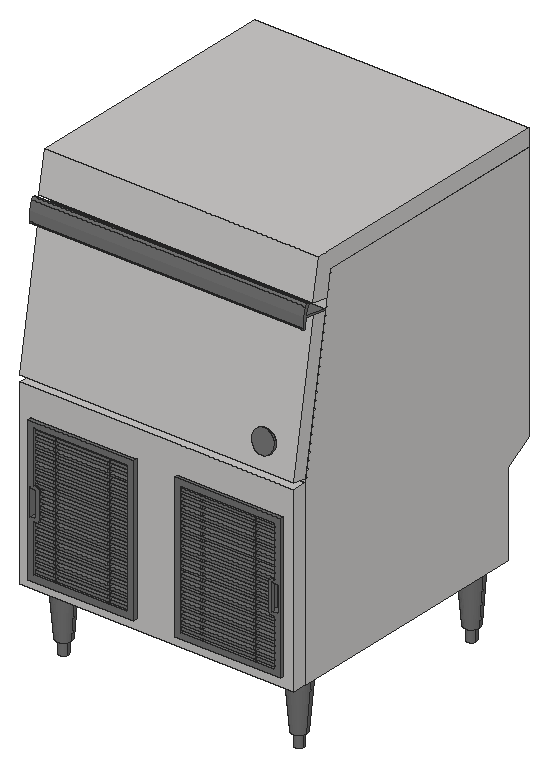
Revit family "QF_MACOM_HOSF330A-2M", category Specialty Equipment, Revit 2020
Family settings
  Round Connector Dimension = Use Diameter
  Part Type = Normal
  OmniClass Number = 23.40.40.14.27
  OmniClass Title = Ice Machines
  Work Plane-Based = No
  Always vertical = Yes
  Cut with Voids When Loaded = No
  Shared = No
  Room Calculation Point = No
Parameters (values of type "HOSF330A-2M")
  Weight = 67.00 kg
  Watts = 628 W
  Volume = 0.398 m³
  Volts = 220 V
  URL = "https://www.acosmacom.com.br/"
  Type Mark [instance] = ""
  Specification by User [instance] = ""
  Specification by Manufacturer = ""
  Show Logo [instance] = yes
  Show Clearance [instance] = yes
  Serial Number = ""
  Seismic Rating = ""
  SMACNA No = ""
  Revision Code [instance] = ""
  Refrigerant Type = "R-404A"
  Plumbing Remarks = ""
  Plumbing Connection Type = ""
  Phase = 1
  Omniclass Number and Title = ""
  Number of Poles [instance] = 1
  NAFEM Spec ID Number = ""
  Model = "HOSF330A-2M"
  Min Ckt Ampacity = 0 A
  Mechanical Remarks [instance] = ""
  Max Overcurrent Protection = 0 A
  Masterspec = ""
  Length = 610 mm
  Height = 990 mm
  Manufacturer = "MACOM"
  Item Number [instance] = ""
  Installed By [instance] = ""
  Indirect Waste Size = 3/4"
  Indirect Waste Flow = 0 m³/h
  Indirect Waste Connection Type = ""
  Indirect Waste Connection Height = 49 mm
  Identify Quantity as Lot [instance] = yes
  HP = ""
  Furnished By [instance] = ""
  Foodservice Equipment Identifier [instance] = yes
  FL Amps = 6.9 A
  Default Elevation = 0 mm
  Electrical Remarks [instance] = ""
  Electric Connection Type [instance] = ""
  Elec Conn Connection Height = 142 mm
  Description = "MAQUINA DE GELO CUBELET HOSHIZAKI, PRODUCAO ATE 130KG/DIA, COM DEPOSITO 36KG - 220V MONOF - F-330BAJ-C-610X653X990"
  Depth = 660 mm
  Cycle = 60 Hz
  Conn Plug = ""
  Conn Conduit = yes
  Cold Water Temperature Recommended = 0 °F
  Cold Water Size = 1/2"
  Cold Water RI Height [instance] = 0 mm
  Cold Water Minimum Pressure = 0.00 bar
  Cold Water Maximum Pressure = 0.00 bar
  Cold Water Flow = 0 m³/h
  Cold Water Consumption = ""
  Cold Water Connection Height = 109 mm
  Capacity = 36.00 kg
  CSI MasterFormat = ""
  CSI Master Format = ""
  Base Height = 152 mm
  BTUH = 3400.0 Btu/h
  Assembly Code = ""
Reference planes
  plane 1 "BACK": y = 0
  plane 2: z = 0
  plane 3 "LEFT": x = 0
  plane 4 "RIGHT": x = 610
  plane 5 "FRONT": y = -660
  plane 6 "TOP": z = 990
  plane 7 "Center Y": x = 305
  plane 8: y = -330
  plane 9 "Base Height": z = 152
  plane 10: y = -584.2
Forms (mm)
  Extrusion 1, solid, material "QF_Stainless-Polished"
    sketch origin (0, 0, 0) x (0, 1, 0) y (0, 0, 1)
      loop
        line (0, 950.232) -> (-550.567, 950.232) -> (-620.312, 554.689) -> (-620.312, 152) -> (-58.737, 152) -> (-58.737, 336.925) -> (0, 373.628) -> (0, 950.232)
    from 0 to 610
  Extrusion 2, solid, material "QF_Stainless-Polished"
    sketch origin (610, 0, 0) x (0, 1, 0) y (0, 0, 1)
      loop
        line (-583.8, 990) -> (-598.834, 904.739) -> (-561.332, 898.126) -> (-551.85, 951.9) -> (0, 951.9) -> (0, 990) -> (-583.8, 990)
    from 0 to -610
  Extrusion 3, solid, material "QF_Stainless-Polished"
    sketch origin (0, 7.698, -1.357) x (0, 1, 0) y (0, 0, 1)
      loop
        line (-605.21, 880.071) -> (-659.766, 570.664) -> (-630.018, 565.418) -> (-575.462, 874.826) -> (-605.21, 880.071)
    from 0 to 610
  Extrusion 4, solid, material "QF_Plastic-Black-Fine Textured"
    sketch origin (0, -652.062, 554.689) x (0, 0, -1) y (1, 0, 0)
      loop
        line (62.086, 24.346) -> (380.973, 24.346) -> (380.973, 259.296) -> (62.086, 259.296) -> (62.086, 24.346)
      loop
        line (74.786, 37.046) -> (189.086, 37.046) -> (189.086, 43.396)
        arc (189.086, 43.396) -> (190.946, 47.886) -> (195.436, 49.746) r 6.35
        line (195.436, 49.746) -> (254.173, 49.746)
        arc (254.173, 49.746) -> (258.663, 47.886) -> (260.523, 43.396) r 6.35
        line (260.523, 43.396) -> (260.523, 37.046) -> (368.273, 37.046) -> (368.273, 246.596) -> (74.786, 246.596) -> (74.786, 37.046)
    from -12.7 to 7.938
  Extrusion 5, solid, material "QF_Rubber-Black", visible <- "Show Logo"
    sketch origin (584.2, -632.271, 684.452) x (0, -0.173648, -0.984808) y (1, 0, 0)
      loop
        circle (63.336, -47.95) r 25.4
    from 0 to 3.175
  Revolve 6, solid, material "QF_Plastic-Black-Fine Textured"
    sketch origin (-34.925, -104.775, 0) x (-1, 0, 0) y (0, 0, 1)
      loop
        line (-77.787, 152) -> (-77.787, 0) -> (-67.733, 0) -> (-67.733, 30.163) -> (-60.486, 30.163) -> (-50.8, 152) -> (-77.787, 152)
      axis (-77.787, 152) -> (-77.787, 0)
    angle from 0 to 360
  Extrusion 7, solid, material "QF_Stainless-Polished"
    sketch origin (0, -58.737, 152) x (0, 0, 1) y (1, 0, 0)
      loop
        circle (109, 52) r 6.35
    from 0 to -3.175
  Extrusion 8, solid, material "QF_Stainless-Polished"
    sketch origin (0, -58.737, 152) x (0, 0, 1) y (1, 0, 0)
      loop
        circle (142, 84) r 12.7
    from 0 to -3.175
  Extrusion 9, solid, material "QF_Stainless-Polished"
    sketch origin (0, -58.737, 152) x (0, 0, 1) y (1, 0, 0)
      loop
        circle (49, 52) r 9.525
    from 0 to -3.175
  Sweep 10, solid, material "QF_Plastic-Black-Fine Textured"
    path in 3D
      loop
        line (610, -597.511, 878.714) -> (0, -597.511, 878.714)
    profile origin (305, -597.511, 878.714) x (0, -0.173648, -0.984808) y (0, -0.984808, 0.173648)
      loop
        line (0, -30.207) -> (0, 22.604)
        arc (0, 22.604) -> (9.631, 22.086) -> (19.201, 20.892) r 137.15
        arc (19.201, 20.892) -> (21.974, 22.866) -> (20.043, 25.669) r 2.425
        arc (20.043, 25.669) -> (-0.92, 27.402) -> (-21.901, 25.91) r 137.15
        arc (-21.901, 25.91) -> (-25.188, 24.004) -> (-26.275, 20.364) r 5.152
        line (-26.275, 20.364) -> (-26.029, 17.551) -> (-17.577, 18.739) -> (-16.076, 21.96)
        arc (-16.076, 21.96) -> (-10.598, 22.392) -> (-5.108, 22.604) r 137.15
        line (-5.108, 22.604) -> (-5.108, -30.207) -> (0, -30.207)
  Extrusion 11, solid, material "QF_Stainless-Polished"
    sketch origin (0, -620.312, 554.689) x (0, 0, -1) y (1, 0, 0)
      loop
        line (402.689, 0) -> (402.689, 610) -> (-0.378, 610) -> (-0.378, 0) -> (402.689, 0)
      loop
        line (62.086, 24.346) -> (380.973, 24.346) -> (380.973, 259.296) -> (62.086, 259.296) -> (62.086, 24.346)
      loop
        line (62.086, 585.654) -> (62.086, 350.304) -> (380.973, 350.304) -> (380.973, 585.654) -> (62.086, 585.654)
    from 1.588 to 31.75
  Extrusion 12, solid, material "QF_Plastic-Black-Fine Textured"
    sketch origin (609.6, -652.062, 554.689) x (0, 0, -1) y (1, 0, 0)
      loop
        line (62.086, -23.946) -> (62.086, -259.296) -> (380.973, -259.296) -> (380.973, -23.946) -> (62.086, -23.946)
      loop
        line (74.786, -36.646) -> (74.786, -246.596) -> (368.273, -246.596) -> (368.273, -36.646) -> (260.523, -36.646) -> (260.523, -42.996)
        arc (260.523, -42.996) -> (258.663, -47.486) -> (254.173, -49.346) r 6.35
        line (254.173, -49.346) -> (195.436, -49.346)
        arc (195.436, -49.346) -> (190.946, -47.486) -> (189.086, -42.996) r 6.35
        line (189.086, -42.996) -> (189.086, -36.646) -> (74.786, -36.646)
    from -12.7 to 7.938
  Extrusion 13, solid, material "QF_Plastic-Black-Fine Textured"
    sketch origin (246.596, -652.062, 479.903) x (0, 0, -1) y (0, -1, 0)
      loop
        line (4.762, 6.35) -> (4.762, -3.175) -> (10.69, -3.175) -> (10.69, 6.35) -> (4.762, 6.35)
      loop
        line (18.018, 6.35) -> (18.018, -3.175) -> (23.946, -3.175) -> (23.946, 6.35) -> (18.018, 6.35)
      loop
        line (31.274, 6.35) -> (31.274, -3.175) -> (37.202, -3.175) -> (37.202, 6.35) -> (31.274, 6.35)
      loop
        line (44.53, 6.35) -> (44.53, -3.175) -> (50.458, -3.175) -> (50.458, 6.35) -> (44.53, 6.35)
      loop
        line (57.786, 6.35) -> (57.786, -3.175) -> (63.714, -3.175) -> (63.714, 6.35) -> (57.786, 6.35)
      loop
        line (71.042, 6.35) -> (71.042, -3.175) -> (76.97, -3.175) -> (76.97, 6.35) -> (71.042, 6.35)
      loop
        line (84.298, 6.35) -> (84.298, -3.175) -> (90.226, -3.175) -> (90.226, 6.35) -> (84.298, 6.35)
      loop
        line (97.554, 6.35) -> (97.554, -3.175) -> (103.482, -3.175) -> (103.482, 6.35) -> (97.554, 6.35)
      loop
        line (110.809, 6.35) -> (110.809, -3.175) -> (116.737, -3.175) -> (116.737, 6.35) -> (110.809, 6.35)
      loop
        line (124.065, 6.35) -> (124.065, -3.175) -> (129.993, -3.175) -> (129.993, 6.35) -> (124.065, 6.35)
      loop
        line (137.321, 6.35) -> (137.321, -3.175) -> (143.249, -3.175) -> (143.249, 6.35) -> (137.321, 6.35)
      loop
        line (150.577, 6.35) -> (150.577, -3.175) -> (156.505, -3.175) -> (156.505, 6.35) -> (150.577, 6.35)
      loop
        line (163.833, 6.35) -> (163.833, -3.175) -> (169.761, -3.175) -> (169.761, 6.35) -> (163.833, 6.35)
      loop
        line (177.089, 6.35) -> (177.089, -3.175) -> (183.017, -3.175) -> (183.017, 6.35) -> (177.089, 6.35)
      loop
        line (190.345, 6.35) -> (190.345, -3.175) -> (196.273, -3.175) -> (196.273, 6.35) -> (190.345, 6.35)
      loop
        line (203.601, 6.35) -> (203.601, -3.175) -> (209.529, -3.175) -> (209.529, 6.35) -> (203.601, 6.35)
      loop
        line (216.856, 6.35) -> (216.856, -3.175) -> (222.784, -3.175) -> (222.784, 6.35) -> (216.856, 6.35)
      loop
        line (230.112, 6.35) -> (230.112, -3.175) -> (236.04, -3.175) -> (236.04, 6.35) -> (230.112, 6.35)
      loop
        line (243.368, 6.35) -> (243.368, -3.175) -> (249.296, -3.175) -> (249.296, 6.35) -> (243.368, 6.35)
      loop
        line (256.624, 6.35) -> (256.624, -3.175) -> (262.552, -3.175) -> (262.552, 6.35) -> (256.624, 6.35)
      loop
        line (269.88, 6.35) -> (269.88, -3.175) -> (275.808, -3.175) -> (275.808, 6.35) -> (269.88, 6.35)
      loop
        line (283.136, 6.35) -> (283.136, -3.175) -> (288.864, -3.175) -> (288.864, 6.35) -> (283.136, 6.35)
    from 0 to 209.55
  Extrusion 14, solid, material "QF_Plastic-Black-Fine Textured"
    sketch origin (246.596, -652.062, 186.416) x (-1, 0, 0) y (0, -1, 0)
      loop
        line (166.677, -3.175) -> (166.677, 5.427) -> (161.914, 5.427) -> (161.914, -3.175) -> (166.677, -3.175)
      loop
        line (42.873, -3.175) -> (47.636, -3.175) -> (47.636, 5.427) -> (42.873, 5.427) -> (42.873, -3.175)
    from 0 to 293.688
  Extrusion 15, solid, material "QF_Plastic-Black-Fine Textured"
    sketch origin (363.004, -652.062, 479.903) x (0, 0, -1) y (0, 1, 0)
      loop
        line (4.762, -6.35) -> (10.69, -6.35) -> (10.69, 3.175) -> (4.762, 3.175) -> (4.762, -6.35)
      loop
        line (18.018, -6.35) -> (23.946, -6.35) -> (23.946, 3.175) -> (18.018, 3.175) -> (18.018, -6.35)
      loop
        line (31.274, -6.35) -> (37.202, -6.35) -> (37.202, 3.175) -> (31.274, 3.175) -> (31.274, -6.35)
      loop
        line (44.53, -6.35) -> (50.458, -6.35) -> (50.458, 3.175) -> (44.53, 3.175) -> (44.53, -6.35)
      loop
        line (57.786, -6.35) -> (63.714, -6.35) -> (63.714, 3.175) -> (57.786, 3.175) -> (57.786, -6.35)
      loop
        line (71.042, -6.35) -> (76.97, -6.35) -> (76.97, 3.175) -> (71.042, 3.175) -> (71.042, -6.35)
      loop
        line (84.298, -6.35) -> (90.226, -6.35) -> (90.226, 3.175) -> (84.298, 3.175) -> (84.298, -6.35)
      loop
        line (97.554, -6.35) -> (103.482, -6.35) -> (103.482, 3.175) -> (97.554, 3.175) -> (97.554, -6.35)
      loop
        line (110.809, -6.35) -> (116.737, -6.35) -> (116.737, 3.175) -> (110.809, 3.175) -> (110.809, -6.35)
      loop
        line (124.065, -6.35) -> (129.993, -6.35) -> (129.993, 3.175) -> (124.065, 3.175) -> (124.065, -6.35)
      loop
        line (137.321, -6.35) -> (143.249, -6.35) -> (143.249, 3.175) -> (137.321, 3.175) -> (137.321, -6.35)
      loop
        line (150.577, -6.35) -> (156.505, -6.35) -> (156.505, 3.175) -> (150.577, 3.175) -> (150.577, -6.35)
      loop
        line (163.833, -6.35) -> (169.761, -6.35) -> (169.761, 3.175) -> (163.833, 3.175) -> (163.833, -6.35)
      loop
        line (177.089, -6.35) -> (183.017, -6.35) -> (183.017, 3.175) -> (177.089, 3.175) -> (177.089, -6.35)
      loop
        line (190.345, -6.35) -> (196.273, -6.35) -> (196.273, 3.175) -> (190.345, 3.175) -> (190.345, -6.35)
      loop
        line (203.601, -6.35) -> (209.529, -6.35) -> (209.529, 3.175) -> (203.601, 3.175) -> (203.601, -6.35)
      loop
        line (216.856, -6.35) -> (222.784, -6.35) -> (222.784, 3.175) -> (216.856, 3.175) -> (216.856, -6.35)
      loop
        line (230.112, -6.35) -> (236.04, -6.35) -> (236.04, 3.175) -> (230.112, 3.175) -> (230.112, -6.35)
      loop
        line (243.368, -6.35) -> (249.296, -6.35) -> (249.296, 3.175) -> (243.368, 3.175) -> (243.368, -6.35)
      loop
        line (256.624, -6.35) -> (262.552, -6.35) -> (262.552, 3.175) -> (256.624, 3.175) -> (256.624, -6.35)
      loop
        line (269.88, -6.35) -> (275.808, -6.35) -> (275.808, 3.175) -> (269.88, 3.175) -> (269.88, -6.35)
      loop
        line (283.136, -6.35) -> (288.864, -6.35) -> (288.864, 3.175) -> (283.136, 3.175) -> (283.136, -6.35)
    from 0 to 209.55
  Extrusion 16, solid, material "QF_Plastic-Black-Fine Textured"
    sketch origin (363.004, -652.062, 186.416) x (1, 0, 0) y (0, 1, 0)
      loop
        line (167.077, 3.175) -> (162.314, 3.175) -> (162.314, -5.427) -> (167.077, -5.427) -> (167.077, 3.175)
      loop
        line (42.873, 3.175) -> (42.873, -5.427) -> (47.636, -5.427) -> (47.636, 3.175) -> (42.873, 3.175)
    from 0 to 293.688
  Revolve 17, solid, material "QF_Plastic-Black-Fine Textured"
    sketch origin (644.525, -104.775, 0) x (1, 0, 0) y (0, 0, 1)
      loop
        line (-77.388, 152) -> (-77.388, 0) -> (-67.333, 0) -> (-67.333, 30.163) -> (-60.086, 30.163) -> (-50.4, 152) -> (-77.388, 152)
      axis (-77.388, 152) -> (-77.388, 0)
    angle from 0 to 360
  Revolve 18, solid, material "QF_Plastic-Black-Fine Textured"
    sketch origin (-34.925, -584.2, 0) x (-1, 0, 0) y (0, 0, 1)
      loop
        line (-77.787, 152) -> (-77.787, 0) -> (-67.733, 0) -> (-67.733, 30.163) -> (-60.486, 30.163) -> (-50.8, 152) -> (-77.787, 152)
      axis (-77.787, 152) -> (-77.787, 0)
    angle from 0 to 360
  Revolve 19, solid, material "QF_Plastic-Black-Fine Textured"
    sketch origin (644.525, -584.2, 0) x (1, 0, 0) y (0, 0, 1)
      loop
        line (-77.388, 152) -> (-77.388, 0) -> (-67.333, 0) -> (-67.333, 30.163) -> (-60.086, 30.163) -> (-50.4, 152) -> (-77.388, 152)
      axis (-77.388, 152) -> (-77.388, 0)
    angle from 0 to 360
  Extrusion 20, void
    sketch origin (37.046, -652.062, 294.166) x (-1, 0, 0) y (0, -1, 0)
      loop
        line (8.305, 7.938) -> (-5.411, 7.938) -> (-5.411, 4.099) -> (-8.859, 4.099) -> (-8.859, -9.128) -> (8.305, -5.511) -> (8.305, 7.938)
    from 6.079 to 65.018
  Extrusion 21, void
    sketch origin (572.954, -652.062, 294.166) x (1, 0, 0) y (0, 1, 0)
      loop
        line (8.305, -7.938) -> (8.305, 5.511) -> (-8.859, 9.128) -> (-8.859, -4.099) -> (-5.411, -4.099) -> (-5.411, -7.938) -> (8.305, -7.938)
    from 6.079 to 65.018
  Extrusion 22, solid, material "QF_Clearance", visible <- "Show Clearance", detail levels coarse
    sketch origin (0, 0, 0) x (0, 1, 0) y (0, 0, 1)
      loop
        line (-652.068, 569.306) -> (-592.37, 907.872)
        arc (-592.37, 907.872) -> (-786.955, 867.373) -> (-926.935, 726.274) r 345.113
        line (-926.935, 726.274) -> (-652.068, 569.306)
    from 0 to 610 <- "Length"
  Extrusion 23, solid, material "QF_Clearance_Red", visible <- "Show Clearance", detail levels coarse
    sketch origin (-975.299, -4572, 990) x (-1, 0, 0) y (0, -1, 0)
      loop
        line (-975.299, -4572) -> (-1585.299, -4572) -> (-1585.299, -4722) -> (-975.299, -4722) -> (-975.299, -4572)
    from 0 to -990
Cuts and joins
  Extrusion 20, Extrusion 21 cuts Extrusion 11
  Extrusion 20, Extrusion 21 cuts Extrusion 4
  Extrusion 20, Extrusion 21 cuts Extrusion 13
  joined: Extrusion 4, Extrusion 13
  Extrusion 21 cuts Extrusion 12
  Extrusion 21 cuts Extrusion 15
  joined: Extrusion 12, Extrusion 15
Lines and regions (mm)
  Split face 1
    outline origin (584.2, -635.398, 685.003) x (0, -0.173648, -0.984808) y (1, 0, 0)
      loop
        line (74.868, -35.556) -> (60.879, -36.703) -> (55.307, -45.687)
        arc (55.307, -45.687) -> (64.924, -42.365) -> (74.868, -44.516) r 18.88
        line (74.868, -44.516) -> (74.868, -35.556)
  Split face 2
    outline origin (584.2, -635.398, 685.003) x (0, -0.173648, -0.984808) y (1, 0, 0)
      loop
        line (62.494, -52.958) -> (58.526, -58.861) -> (61.435, -63.061) -> (63.114, -63.449) -> (68.567, -63.449) -> (74.493, -61.168) -> (77.47, -55.814) -> (74.868, -55.814) -> (62.494, -52.958)
  Split face 3
    outline origin (584.2, -635.398, 685.003) x (0, -0.173648, -0.984808) y (1, 0, 0)
      loop
        line (77.268, -44.516) -> (76.58, -45.539) -> (77.552, -47.223) -> (76.427, -47.872) -> (76.925, -49.166) -> (78.325, -49.489) -> (78.325, -44.516) -> (77.268, -44.516)
  Split face 4
    outline origin (584.2, -635.398, 685.003) x (0, -0.173648, -0.984808) y (1, 0, 0)
      loop
        line (77.47, -55.814) -> (70.252, -49.758) -> (72.168, -48.652) -> (71.424, -45.877) -> (70.362, -44.814) -> (65.564, -47.584) -> (60.879, -47.584) -> (56.481, -50.123) -> (55.306, -51.298) -> (55.306, -45.687) -> (51.858, -44.891) -> (50.298, -46.451) -> (49.289, -47.46) -> (49.289, -49.006) -> (50.134, -50.469) -> (52.623, -52.958) -> (56.804, -52.958) -> (62.494, -52.958)
  Split face 5
    outline origin (584.2, -635.398, 685.003) x (0, -0.173648, -0.984808) y (1, 0, 0)
      loop
        line (77.47, -55.814) -> (76.925, -49.166)
      loop
        arc (76.58, -45.539) -> (75.738, -45.005) -> (74.868, -44.516) r 18.875
  Split face 6
    outline origin (584.2, -635.398, 685.003) x (0, -0.173648, -0.984808) y (1, 0, 0)
      loop
        circle (63.336, -47.95) r 20.267
  Split face 7
    outline origin (610, -652.062, 152) x (0, 0, 1) y (-1, 0, 0)
      loop
        line (345.113, 221.376) -> (345.113, 65.131) -> (354.638, 65.131) -> (354.638, 221.376) -> (345.113, 221.376)
  sketch lines
    curve 1: line (610, -597.511, 878.714) -> (0, -597.511, 878.714)
  symbolic lines
    curve 2: line (0, -652.062, 0) -> (610, -652.062, 0)
    curve 3: line (0, 0, 0) -> (0, -652.062, 0)
    curve 4: line (610, 0, 0) -> (0, 0, 0)
    curve 5: line (610, -652.062, 0) -> (610, 0, 0)
    curve 6: line (0, -584.2, 0) -> (610, -584.2, 0)
    curve 7: line (610, -598.834, 0) -> (0, -598.834, 0)
    curve 8: line (0, -610.276, 0) -> (610, -610.276, 0)
    curve 9: line (0, -626.27, 0) -> (610, -626.27, 0)
    curve 10: line (24.346, -652.062, 0) -> (24.346, -660, 0)
    curve 11: line (24.346, -660, 0) -> (259.496, -660, 0)
    curve 12: line (259.496, -660, 0) -> (259.496, -652.062, 0)
    curve 13: line (350.504, -652.062, 0) -> (350.504, -660, 0)
    curve 14: line (350.504, -660, 0) -> (585.654, -660, 0)
    curve 15: line (585.654, -660, 0) -> (585.654, -652.062, 0)
  symbolic lines, style "QF_Clearances_Door_Drawer", visible <- "Show Clearance", detail levels coarse
    curve 16: line (0, -652.062, 0) -> (0, -926.935, 0)
    curve 17: line (0, -926.935, 0) -> (610, -926.935, 0)
    curve 18: line (610, -926.935, 0) -> (610, -652.062, 0)
  symbolic lines, style "QF_Clearances_Door_Drawer", visible <- "Show Clearance"
    curve 19: line (305, -652.068, 569.306) -> (305, -926.935, 726.274)
    curve 20: arc (305, -926.935, 726.274) -> (305, -789.695, 865.87) -> (305, -598.601, 908.358) r 345.113
Dimensions and locks
  "Length": plane 3 "LEFT" to plane 4 "RIGHT"
  "Depth": plane 5 "FRONT" to plane 1 "BACK"
  "Height": plane 6 "TOP" to level
  equal spacing: plane 3 "LEFT", plane 7 "Center Y", plane 4 "RIGHT"
  equal spacing: plane 5 "FRONT", plane 8, plane 1 "BACK"
  "Base Height": plane 9 "Base Height" to level
  "Cold Water Connection Height": Extrusion 7 sketch curve to plane 9 "Base Height"
  Extrusion 8 sketch curve to plane 3 "LEFT" = 84 mm
  "Elec Conn Connection Height": plane 9 "Base Height" to Extrusion 8 sketch curve
  Extrusion 7 sketch curve to plane 3 "LEFT" = 52 mm
  Extrusion 9 sketch curve to plane 3 "LEFT" = 52 mm
  "Indirect Waste Connection Height": plane 9 "Base Height" to Extrusion 9 sketch curve
  locked: Extrusion 23 sketch curve to Extrusion 23 sketch curve at 150
  "Indirect Waste Size": diameter of Extrusion 9 sketch curve
  "Cold Water Size": diameter of Extrusion 7 sketch curve
  aligned and locked: level to plane 2
  aligned and locked: Extrusion 2 to plane 3 "LEFT"
  aligned and locked: plane 4 "RIGHT" to Extrusion 3
  aligned and locked: plane 4 "RIGHT" to Extrusion 1
  aligned and locked: Extrusion 23 sketch curve to Extrusion 1
  aligned and locked: Extrusion 23 sketch curve to curve 3
  aligned and locked: plane 4 "RIGHT" to Extrusion 23 sketch curve
  aligned and locked: Extrusion 23 to level
  aligned and locked: plane 6 "TOP" to Extrusion 2
Automatic sketch dimensions
  Extrusion 1 sketch curve to plane 9 "Base Height" = 0 mm
  Extrusion 1 sketch curve to plane 1 "BACK" = 0 mm
  Extrusion 1 sketch curve to plane 6 "TOP" = 39.768 mm
  plane 9 "Base Height" to Extrusion 1 sketch curve = 184.925 mm
  Extrusion 1 sketch curve to Extrusion 1 sketch curve = 36.703 mm
  Extrusion 2 sketch curve to plane 6 "TOP" = 0 mm
  Extrusion 2 sketch curve to plane 1 "BACK" = 0 mm
  Extrusion 2 sketch curve to plane 6 "TOP" = 38.1 mm
  Extrusion 2 sketch curve to Extrusion 2 sketch curve = 9.482 mm
  Extrusion 2 sketch curve to Extrusion 2 sketch curve = 31.95 mm
  Extrusion 2 sketch curve to Extrusion 2 sketch curve = 37.502 mm
  Extrusion 3 sketch curve to Extrusion 3 sketch curve = 5.245 mm
  Extrusion 4 sketch curve to Extrusion 11 = 0 mm  (x4)
  Extrusion 11 to Extrusion 4 sketch curve = 12.7 mm  (x5)
  Extrusion 11 to Extrusion 4 sketch curve = 19.05 mm
  Extrusion 4 sketch curve to Extrusion 4 sketch curve = 114.3 mm
  Extrusion 4 sketch curve to Extrusion 4 sketch curve = 6.35 mm  (x2)
  Extrusion 4 sketch curve to Extrusion 4 sketch curve = 58.738 mm
  Extrusion 5 sketch curve to plane 4 "RIGHT" = 73.75 mm
  Revolve 6 sketch curve to plane 9 "Base Height" = 0 mm  (x2)
  Revolve 6 sketch curve to level = 0 mm
  plane 3 "LEFT" to Revolve 6 sketch curve = 42.862 mm
  Revolve 6 sketch curve to Revolve 6 sketch curve = 0 mm
  Revolve 6 sketch curve to Revolve 6 sketch curve = 10.054 mm
  Revolve 6 sketch curve to Revolve 6 sketch curve = 7.247 mm
  plane 3 "LEFT" to Revolve 6 sketch curve = 15.875 mm
  Revolve 6 sketch curve to Revolve 6 sketch curve = 16.44 mm
  level to Revolve 6 sketch curve = 30.163 mm
  Sweep 10 sketch curve to Sweep 10 sketch curve = 0 mm  (x4)
  Sweep 10 sketch curve to profile plane = 0 mm
  profile plane to Sweep 10 sketch curve = 1.708 mm
  profile plane to Sweep 10 sketch curve = 2.55 mm
  profile plane to Sweep 10 sketch curve = 5.108 mm
  Sweep 10 sketch curve to Sweep 10 sketch curve = 10.968 mm
  Sweep 10 sketch curve to Sweep 10 sketch curve = 1.502 mm
  Sweep 10 sketch curve to Sweep 10 sketch curve = 3.565 mm
  Sweep 10 sketch curve to Sweep 10 sketch curve = 0.759 mm
  Sweep 10 sketch curve to Sweep 10 sketch curve = 4.887 mm
  Sweep 10 sketch curve to Sweep 10 sketch curve = 0.246 mm
  Sweep 10 sketch curve to profile plane = 19.201 mm
  Sweep 10 sketch curve to Sweep 10 sketch curve = 0.385 mm
  Sweep 10 sketch curve to Sweep 10 sketch curve = 0.458 mm
  Sweep 10 sketch curve to profile plane = 114.522 mm
  Sweep 10 sketch curve to Sweep 10 sketch curve = 4.776 mm
  Sweep 10 sketch curve to profile plane = 30.207 mm
  profile plane to Sweep 10 sketch curve = 17.551 mm
  Sweep 10 sketch curve to Sweep 10 sketch curve = 1.188 mm
  Sweep 10 sketch curve to Sweep 10 sketch curve = 2.813 mm
  Sweep 10 sketch curve to Sweep 10 sketch curve = 3.22 mm
  Extrusion 11 sketch curve to Extrusion 1 = 0 mm  (x3)
  Extrusion 11 sketch curve to Extrusion 1 = 21.716 mm  (x2)
  Extrusion 11 sketch curve to Extrusion 1 = 62.086 mm  (x2)
  Extrusion 1 to Extrusion 11 sketch curve = 24.346 mm  (x2)
  Extrusion 1 to Extrusion 11 sketch curve = 0.378 mm
  Extrusion 11 sketch curve to Extrusion 11 sketch curve = 234.95 mm
  Extrusion 11 sketch curve to Extrusion 11 sketch curve = 91.009 mm
  Extrusion 12 sketch curve to Extrusion 11 = 0 mm  (x4)
  Extrusion 11 to Extrusion 12 sketch curve = 12.7 mm  (x4)
  Extrusion 11 to Extrusion 12 sketch curve = 19.05 mm
  Extrusion 12 sketch curve to Extrusion 12 sketch curve = 114.3 mm
  Extrusion 12 sketch curve to Extrusion 12 sketch curve = 6.35 mm  (x3)
  Extrusion 12 sketch curve to Extrusion 12 sketch curve = 58.737 mm
  Extrusion 13 sketch curve to Extrusion 4 = 4.762 mm
  Extrusion 4 to Extrusion 13 sketch curve = 1.588 mm  (x22)
  Extrusion 13 sketch curve to Extrusion 13 sketch curve = 5.928 mm  (x21)
  Extrusion 13 sketch curve to Extrusion 13 sketch curve = 7.328 mm  (x21)
  Extrusion 13 sketch curve to Extrusion 4 = 4.624 mm
  Extrusion 4 to Extrusion 13 sketch curve = 9.525 mm  (x2)
  Extrusion 13 sketch curve to Extrusion 13 sketch curve = 0 mm  (x20)
  Extrusion 4 to Extrusion 14 sketch curve = 2.51 mm  (x2)
  Extrusion 4 to Extrusion 14 sketch curve = 42.873 mm
  Extrusion 14 sketch curve to Extrusion 14 sketch curve = 4.762 mm
  Extrusion 4 to Extrusion 14 sketch curve = 9.525 mm
  Extrusion 14 sketch curve to Extrusion 4 = 47.636 mm
  Extrusion 14 sketch curve to Extrusion 14 sketch curve = 4.763 mm
  Extrusion 14 sketch curve to Extrusion 14 sketch curve = 8.602 mm
  Extrusion 15 sketch curve to Extrusion 12 = 4.762 mm
  Extrusion 12 to Extrusion 15 sketch curve = 1.588 mm  (x22)
  Extrusion 15 sketch curve to Extrusion 15 sketch curve = 5.928 mm  (x21)
  Extrusion 15 sketch curve to Extrusion 15 sketch curve = 7.328 mm  (x21)
  Extrusion 15 sketch curve to Extrusion 12 = 4.624 mm
  Extrusion 12 to Extrusion 15 sketch curve = 9.525 mm
  Extrusion 15 sketch curve to Extrusion 15 sketch curve = 0 mm  (x21)
  Extrusion 12 to Extrusion 16 sketch curve = 2.51 mm  (x2)
  Extrusion 12 to Extrusion 16 sketch curve = 42.873 mm
  Extrusion 16 sketch curve to Extrusion 16 sketch curve = 4.763 mm  (x2)
  Extrusion 12 to Extrusion 16 sketch curve = 9.525 mm
  Extrusion 16 sketch curve to Extrusion 12 = 47.636 mm
  Extrusion 16 sketch curve to Extrusion 16 sketch curve = 8.602 mm
  Revolve 17 sketch curve to plane 9 "Base Height" = 0 mm  (x2)
  Revolve 17 sketch curve to level = 0 mm
  plane 4 "RIGHT" to Revolve 17 sketch curve = 42.863 mm
  Revolve 17 sketch curve to Revolve 17 sketch curve = 0 mm
  Revolve 17 sketch curve to Revolve 17 sketch curve = 10.054 mm
  Revolve 17 sketch curve to Revolve 17 sketch curve = 7.247 mm
  plane 4 "RIGHT" to Revolve 17 sketch curve = 15.875 mm
  Revolve 17 sketch curve to Revolve 17 sketch curve = 16.44 mm
  Revolve 17 sketch curve to level = 30.163 mm
  Revolve 18 sketch curve to plane 9 "Base Height" = 0 mm  (x2)
  Revolve 18 sketch curve to level = 0 mm
  plane 3 "LEFT" to Revolve 18 sketch curve = 42.862 mm
  Revolve 18 sketch curve to Revolve 18 sketch curve = 0 mm
  Revolve 18 sketch curve to Revolve 18 sketch curve = 10.054 mm
  Revolve 18 sketch curve to Revolve 18 sketch curve = 7.247 mm
  plane 3 "LEFT" to Revolve 18 sketch curve = 15.875 mm
  Revolve 18 sketch curve to Revolve 18 sketch curve = 16.44 mm
  level to Revolve 18 sketch curve = 30.163 mm
  Revolve 19 sketch curve to plane 9 "Base Height" = 0 mm  (x2)
  Revolve 19 sketch curve to level = 0 mm
  plane 4 "RIGHT" to Revolve 19 sketch curve = 42.863 mm
  Revolve 19 sketch curve to Revolve 19 sketch curve = 0 mm
  Revolve 19 sketch curve to Revolve 19 sketch curve = 10.054 mm
  Revolve 19 sketch curve to Revolve 19 sketch curve = 7.247 mm
  plane 4 "RIGHT" to Revolve 19 sketch curve = 15.875 mm
  Revolve 19 sketch curve to Revolve 19 sketch curve = 16.44 mm
  Revolve 19 sketch curve to level = 30.163 mm
  Extrusion 4 to Extrusion 20 sketch curve = 0 mm
  Extrusion 20 sketch curve to Extrusion 4 = 2.509 mm
  Extrusion 4 to Extrusion 20 sketch curve = 0.939 mm
  Extrusion 4 to Extrusion 20 sketch curve = 8.305 mm
  Extrusion 20 sketch curve to Extrusion 4 = 3.838 mm
  Extrusion 20 sketch curve to Extrusion 4 = 7.189 mm
  Extrusion 20 sketch curve to Extrusion 4 = 3.572 mm
  Extrusion 12 to Extrusion 21 sketch curve = 0 mm
  Extrusion 21 sketch curve to Extrusion 12 = 3.838 mm
  Extrusion 21 sketch curve to Extrusion 12 = 7.189 mm
  Extrusion 21 sketch curve to Extrusion 12 = 3.572 mm
  Extrusion 12 to Extrusion 21 sketch curve = 8.305 mm
  Extrusion 12 to Extrusion 21 sketch curve = 0.939 mm
  Extrusion 21 sketch curve to Extrusion 12 = 2.509 mm
  Extrusion 1 sketch curve to plane 5 "FRONT" = 109.433 mm
  Extrusion 1 sketch curve to plane 5 "FRONT" = 39.687 mm
  Extrusion 2 sketch curve to plane 5 "FRONT" = 108.15 mm
  Extrusion 3 sketch curve to plane 5 "FRONT" = 7.932 mm
  Extrusion 3 sketch curve to Extrusion 3 sketch curve = 29.748 mm
  Extrusion 3 sketch curve to plane 5 "FRONT" = 62.489 mm
  Split face 1 sketch curve to Split face 1 sketch curve = 5.573 mm
  Split face 1 sketch curve to Split face 1 sketch curve = 10.745 mm
  Split face 1 sketch curve to Split face 1 sketch curve = 13.989 mm
  Split face 1 sketch curve to Split face 1 sketch curve = 15.524 mm
  Split face 1 sketch curve to Split face 1 sketch curve = 8.984 mm
  Split face 1 sketch curve to Split face 1 sketch curve = 8.96 mm
  Split face 2 sketch curve to Split face 2 sketch curve = 2.909 mm
  Split face 2 sketch curve to Split face 2 sketch curve = 3.967 mm
  Split face 2 sketch curve to Split face 2 sketch curve = 1.68 mm
  Split face 2 sketch curve to Split face 2 sketch curve = 5.453 mm
  Split face 2 sketch curve to Split face 2 sketch curve = 5.926 mm
  Split face 2 sketch curve to Split face 2 sketch curve = 0.375 mm
  Split face 2 sketch curve to Split face 2 sketch curve = 2.602 mm
  Split face 2 sketch curve to Split face 2 sketch curve = 0.388 mm
  Split face 2 sketch curve to Split face 2 sketch curve = 2.281 mm
  Split face 2 sketch curve to Split face 2 sketch curve = 4.2 mm
  Split face 2 sketch curve to Split face 2 sketch curve = 5.354 mm
  Split face 2 sketch curve to Split face 2 sketch curve = 5.903 mm
  Split face 3 sketch curve to Split face 3 sketch curve = 0.153 mm
  Split face 3 sketch curve to Split face 3 sketch curve = 0.498 mm
  Split face 3 sketch curve to Split face 3 sketch curve = 0.688 mm
  Split face 3 sketch curve to Split face 3 sketch curve = 1.125 mm
  Split face 3 sketch curve to Split face 3 sketch curve = 1.057 mm
  Split face 3 sketch curve to Split face 3 sketch curve = 0.323 mm
  Split face 3 sketch curve to Split face 3 sketch curve = 1.294 mm
  Split face 3 sketch curve to Split face 3 sketch curve = 0.649 mm
  Split face 3 sketch curve to Split face 3 sketch curve = 1.024 mm
  Split face 4 sketch curve to Split face 4 sketch curve = 0.845 mm
  Split face 4 sketch curve to Split face 4 sketch curve = 1.009 mm  (x2)
  Split face 4 sketch curve to Split face 4 sketch curve = 1.56 mm  (x2)
  Split face 4 sketch curve to Split face 4 sketch curve = 2.489 mm  (x2)
  Split face 4 sketch curve to Split face 4 sketch curve = 3.448 mm
  Split face 4 sketch curve to Split face 4 sketch curve = 1.175 mm  (x2)
  Split face 4 sketch curve to Split face 4 sketch curve = 1.498 mm
  Split face 4 sketch curve to Split face 4 sketch curve = 4.398 mm
  Split face 4 sketch curve to Split face 4 sketch curve = 1.614 mm
  Split face 4 sketch curve to Split face 4 sketch curve = 4.685 mm
  Split face 4 sketch curve to Split face 4 sketch curve = 4.688 mm
  Split face 4 sketch curve to Split face 4 sketch curve = 0.11 mm
  Split face 4 sketch curve to Split face 4 sketch curve = 1.063 mm  (x2)
  Split face 4 sketch curve to Split face 4 sketch curve = 1.916 mm
  Split face 4 sketch curve to Split face 4 sketch curve = 5.302 mm
  Split face 4 sketch curve to Split face 4 sketch curve = 2.857 mm
  Split face 4 sketch curve to Split face 4 sketch curve = 1.659 mm
  Split face 4 sketch curve to Split face 4 sketch curve = 3.2 mm
  Split face 4 sketch curve to Split face 4 sketch curve = 1.463 mm
  Split face 4 sketch curve to Split face 4 sketch curve = 1.106 mm
  Split face 4 sketch curve to Split face 4 sketch curve = 2.174 mm
  Split face 4 sketch curve to Split face 4 sketch curve = 1.546 mm
  Split face 4 sketch curve to Split face 4 sketch curve = 2.775 mm
  Split face 4 sketch curve to Split face 4 sketch curve = 4.436 mm
  Split face 5 sketch curve to Split face 5 sketch curve = 8.816 mm
  Split face 5 sketch curve to Split face 5 sketch curve = 1.712 mm
  Split face 5 sketch curve to Split face 5 sketch curve = 0.345 mm
  Split face 5 sketch curve to Split face 5 sketch curve = 0.545 mm
  Split face 5 sketch curve to Split face 5 sketch curve = 5.391 mm
  Split face 5 sketch curve to Split face 5 sketch curve = 6.648 mm
  Split face 5 sketch curve to Split face 5 sketch curve = 3.627 mm
  Split face 7 sketch curve to cut or joined group of Extrusion 11, Extrusion 20, Extrusion 21 = 4.51 mm
  Split face 7 sketch curve to Split face 7 sketch curve = 9.525 mm
  cut or joined group of Extrusion 11, Extrusion 20, Extrusion 21 to Split face 7 sketch curve = 40.785 mm
  cut or joined group of Extrusion 11, Extrusion 20, Extrusion 21 to Split face 7 sketch curve = 38.32 mm
  plane 1 "BACK" to Extrusion 1 sketch curve = 58.737 mm
  plane 5 "FRONT" to Extrusion 22 sketch curve = 266.935 mm
  Extrusion 22 sketch curve to plane 5 "FRONT" = 7.932 mm
  Extrusion 22 sketch curve to Extrusion 22 sketch curve = 29.748 mm
  Extrusion 22 sketch curve to plane 5 "FRONT" = 67.63 mm
  Extrusion 22 sketch curve to Extrusion 22 sketch curve = 5.245 mm
  curve 2 to plane 3 "LEFT" = 0 mm
  plane 5 "FRONT" to curve 10 = 0 mm
  plane 5 "FRONT" to curve 14 = 0 mm
  curve 8 to plane 4 "RIGHT" = 0 mm
  plane 10 to curve 6 = 0 mm
  plane 1 "BACK" to curve 4 = 0 mm
  plane 3 "LEFT" to curve 10 = 24.346 mm
  curve 11 to plane 7 "Center Y" = 45.504 mm
  plane 7 "Center Y" to curve 14 = 45.504 mm
  curve 15 to plane 4 "RIGHT" = 24.346 mm
  plane 5 "FRONT" to curve 16 = 266.935 mm
  curve 16 to plane 5 "FRONT" = 7.937 mm
  curve 2 to curve 9 = 25.792 mm
  curve 9 to curve 8 = 15.994 mm
  curve 8 to curve 7 = 11.442 mm
  plane 5 "FRONT" to curve 19 = 266.935 mm
  curve 20 to plane 5 "FRONT" = 37.68 mm
  curve 19 to plane 5 "FRONT" = 7.932 mm
  plane 10 to curve 20 = 14.401 mm
  curve 20 to curve 19 = 5.245 mm
  Extrusion 1 sketch curve to Extrusion 1 sketch curve = 395.544 mm
  plane 9 "Base Height" to Extrusion 3 sketch curve = 412.061 mm
  plane 9 "Base Height" to Extrusion 22 sketch curve = 412.061 mm
  Extrusion 22 sketch curve to plane 6 "TOP" = 263.726 mm
  curve 19 to plane 6 "TOP" = 263.726 mm
  curve 20 to curve 20 = 162.213 mm
  radius of Extrusion 5 sketch curve = 25.4 mm
  radius of Split face 6 sketch curve to Extrusion 5 = 5.133 mm
  radius of Extrusion 8 sketch curve = 12.7 mm
Connectors
  electrical at (84, -58.737, 294), driven by "Volts", driven by "Watts"
    settings: on Extrusion 8, index 1, voltage 220 V, apparent load 628 VA, apparent load phase1 0 VA, apparent load phase2 0 VA, apparent load phase3 0 VA, power factor 1, load classification "Other", number of poles 1, system type 30, power factor state 1, is connector primary yes, connector utility no, sub classification motor no, connector description "Electrical Connection"
  piping at (52, -58.737, 261), diameter 12.7, driven by "Cold Water Size"
    settings: on Extrusion 7, index 2, connector inside diameter 1/2", connector length 0 mm, flow factor 0, pipe flow 0 m³/h, pressure drop 0.00 bar, fitting loss kfactor 0, connector angle 0.00°, fixture units 0, engagement length 0 mm, angle of deflection 0.00°, flow configuration 1, flow direction 1, fitting loss method 0, system type 22, joint type 0, gender type 0, connector reference index -1, connector utility 0, adjustable connector no, is connector primary yes, connector description "Water Inlet"
  piping at (52, -58.737, 201), diameter 19.05, driven by "Indirect Waste Size"
    settings: on Extrusion 9, index 4, connector inside diameter 3/4", connector length 0 mm, flow factor 0, pipe flow 0 m³/h, pressure drop 0.00 bar, fitting loss kfactor 0, connector angle 0.00°, fixture units 0, engagement length 0 mm, angle of deflection 0.00°, flow configuration 1, flow direction 2, fitting loss method 0, system type 22, joint type 0, gender type 0, connector reference index -1, connector utility 0, adjustable connector no, is connector primary no, connector description "Drain"
